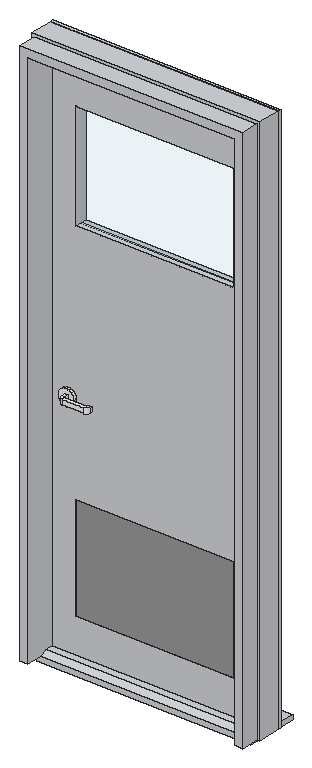
Revit family "Dor_片開き戸_RC", category ドア, Revit 2020
Family settings
  ホスト = 壁
  常に垂直 = はい
  ロード時にボイドで切り取り = いいえ
  共有 = いいえ
  部屋計算ポイント = いいえ
Parameters (values of type "片開き戸_RC")
  金物_施錠方式(外) = ""
  金物_施錠方式(内) = ""
  金物_支持金物 = ""
  金物_操作金物 = ""
  金物_戸当り = ""
  金物_固定金物 = ""
  金物_フランス落し = ""
  金物_クローザー = ""
  逃げ_左 = 60 mm
  逃げ_右 = 60 mm
  逃げ_上 = 60 mm
  解析用性能 = "<なし>"
  符号_建具記号 = ""
  符号_建具番号 = ""
  法_随時閉鎖 = yes
  法_防火性能 = ""
  法_遮煙 = yes
  法_常時閉鎖 = yes
  沓摺表示 [instance] = yes
  文字_ガラス厚 = ""
  抱き = 40 mm
  建枠下延長 [instance] = 0 mm
  沓摺見込_Kc_Kd [instance] = 200 mm
  外部ちり_上 = 10 mm
  外部ちり = 10 mm
  マテリアル_シール = none
  ドアパネルタイプ = DP_腰窓+ガラリ : 腰窓+ガラリ
  スリット/小窓位置：戸先 [instance] = yes
  シール幅 = 10 mm
  ガラス厚 = 6 mm
  オフセット_外側 [instance] = 50 mm
  min沓摺見込_Kc_Kd [instance] = 24 mm + パネル厚 + 抱き + シール幅 + オフセット_外側  # 169 mm
  geo_壁厚 [instance] = 150 mm
  calc_総見込 = 抱き + シール幅 + パネル厚 + 戸当見込  # 145 mm
  calc_沓摺見込_Kc_Kd [instance] = if(沓摺見込_Kc_Kd > min沓摺見込_Kc_Kd, 沓摺見込_Kc_Kd, min沓摺見込_Kc_Kd + 10 mm)  # 200 mm
  calc_沓摺幅 = 幅 + 戸当見付 * 2  # 830 mm
  沓摺タイプ = Kd_沓摺_RC : Kd_沓摺_RC
  次による断熱プロパティの定義 = スキーマティック タイプ
  枠見付内_F01 = 30 mm
  calc_枠見込内 [instance] = if(and(枠ちり内 = 0 mm, オフセット_内側 = 0 mm), 1 mm, 0 mm)  # 0 mm
  calc_枠見付内 = if(枠タイプ = 1, 枠見付内_F01, if(枠タイプ = 2, 枠見付 + 戸当見付, if(枠タイプ = 3, 枠見付 + 戸当見付, 枠見付)))  # 30 mm
  文字_額縁材質 = ""
  文字_額縁仕上 = ""
  文字_沓摺材質 = ""
  文字_沓摺仕上 = ""
  文字_枠材質 = ""
  文字_枠仕上 = ""
  文字_建具材質 = ""
  文字_建具仕上 = ""
  文字_取付場所 = ""
  文字_備考 = ""
  文字_パネル厚 = ""
  文字_ガラリ材質 = ""
  文字_ガラリ仕上 = ""
  文字_ガラス材質 = ""
  文字_アンダーカット = ""
  性能_遮音 = ""
  性能_気密 = ""
  形状_沓摺形状 = ""
  形状_枠形状 = ""
  形状_建具形式 = ""
  形状_ガラリ形状 = ""
  仕上げ厚 = 10 mm
  calc_戸当見込 [instance] = if(geo_壁厚 < calc_総見込, 戸当見込 - (calc_総見込 - geo_壁厚 + 10 mm), 戸当見込)  # 50 mm
  calc_壁芯ずれ [instance] = オフセット_外側 / 2 + オフセット_内側 / 2 + LOCK  # 50 mm
  calc_仕上げ厚 [instance] = if(and(オフセット_内側 = 0 mm, 仕上げ厚 = 0 mm), 11 mm, 仕上げ厚)  # 10 mm
  ラベル_遮煙 = if(法_遮煙, "S", " ")  # "S"
  ラベル_法囲み = if(法_常時閉鎖, "□", if(法_随時閉鎖, "〇", " "))  # "□"
  マテリアル_沓摺 = none
  マテリアル_枠 = none
  マテリアル_パネル = none
  マテリアル_ガラリ = none
  マテリアル_ガラス = ガラス - 透明
  パネル幅2 = 0 mm  # constant formula
  パネル幅1 = 幅 + 戸当見付 * 2  # 830 mm
  calc_パネル中心位置 = パネル厚 / 2 + LOCK  # 22.5 mm
  ハンドル表示 [instance] = yes
  Keynote = ""
  オフセット_内側 [instance] = 50 mm
  W寸法 = 800 mm
  LOCK = 0 mm  # constant formula
  H寸法 = 2100 mm
  F02_片ひばた2 = 枠タイプ = 2  # no
  Function = (empty or 0)
  Description = ""
  枠タイプ = 1
  Rough Width = 0 mm
  高さ = H寸法 + LOCK  # 2100 mm
  枠見付 = 25 mm
  枠ちり外 = 20 mm
  枠ちり内 = 10 mm
  ハンドル_高さ = 900 mm
  ハンドル_オフセット = 80 mm
  戸当見込 = 50 mm
  戸当見付 = 15 mm
  Construction Type = ""
  Wall Closure = (empty or 0)
  幅 = W寸法 + LOCK  # 800 mm
  Rough Height = 0 mm
  パネル高 = 高さ + 戸当見付 - アンダーカット  # 2110 mm
  パネル幅 = パネル幅1 + LOCK  # 830 mm
  パネル厚 = 45 mm
  アンダーカット = 5 mm
  F01_片ひばた1 = 枠タイプ = 1  # yes
  F03_両ひばた = 枠タイプ = 3  # no
Reference planes
  plane 1: y = 0
  plane 2 "中心(左/右)": x = 0
  plane 3 "EXT.": y = 75
  plane 4 "内壁": y = -75
  plane 5 "左": x = -400
  plane 6 "右": x = 400
  plane 7 "上側": z = 2100
  plane 8: z = 0
  plane 9 "パネル位置": y = 25
  plane 10 "左扉位置": x = -415
  plane 11 "枠外側左": x = -440
  plane 12 "枠内側左": x = -430
  plane 13 "仕上げ厚": y = -65
  plane 14 "右扉位置": x = 415
  plane 15 "枠外側右": x = 440
  plane 16 "枠内側右": x = 430
  plane 17 "上枠下端": z = 2115
  plane 18 "枠見付_上": z = 2140
  plane 19 "枠見付内_上": z = 2130
  plane 20 "戸当り外側": y = -20
  plane 21 "戸当り内側": y = -70
  plane 22: x = -430
  plane 23: x = 430
  plane 24: z = 5
  plane 25 "オフセット": y = -125
  plane 26 "枠ちり内": y = -135
  plane 27 "パネル厚中心": y = 2.5
  plane 28 "壁芯": y = -50
  plane 29: z = 900
  plane 30: x = -335
  plane 31 "建枠下延長": z = 0
  plane 32 "枠見込み内": y = -65
  plane 33 "オフセット_外側": y = 125
  plane 34 "マスク位置": z = 500
  plane 35: y = 130
  plane 36 "逃げ左": x = -460
  plane 37 "逃げ右": x = 460
  plane 38 "抱き": y = 35
  plane 39 "外部ちり左": x = -425
  plane 40 "外部ちり右": x = 425
  plane 41 "外部ちり上": z = 2125
  plane 42 "逃げ上": z = 2160
Forms (mm)
  Extrusion 1, void
    sketch origin (0, 0, 0) x (1, 0, 0) y (0, 1, 0)
      loop
        line (-430, -125) -> (430, -125) -> (430, -65) -> (-430, -65) -> (-430, -125)
    from 0 to 2130
  Extrusion 2, void
    sketch origin (0, 0, 0) x (1, 0, 0) y (0, 1, 0)
      loop
        line (-460, 35) -> (-460, -65) -> (460, -65) -> (460, 35) -> (-460, 35)
    from 0 to 2160
  Sweep 3, solid, material <- "マテリアル_枠", visible <- "F01_片ひばた1", detail levels medium+fine
    path origin (0, 75, 0) x (1, 0, 0) y (0, 0, 1)
      loop
        line (400, 0) -> (400, 2100) -> (-400, 2100) -> (-400, 0)
    profile origin (400, 75, 1050) x (-1, 0, 0) y (0, -1, 0)
      loop
        line (-40, 50) -> (-15, 50) -> (-15, 95) -> (0, 95) -> (0, 210) -> (-30, 210) -> (-30, 140) -> (-40, 140) -> (-40, 50)
  Sweep 4, solid, material <- "マテリアル_枠", visible <- "F02_片ひばた2"
    path origin (0, 75, 0) x (1, 0, 0) y (0, 0, 1)
      loop
        line (400, 0) -> (400, 2100) -> (-400, 2100) -> (-400, 0)
    profile origin (400, 75, 1050) x (-1, 0, 0) y (0, -1, 0)
      loop
        line (-40, 50) -> (-15, 50) -> (-15, 95) -> (0, 95) -> (0, 210) -> (-40, 210) -> (-40, 50)
  Sweep 5, solid, material <- "マテリアル_枠", visible <- "F03_両ひばた"
    path origin (0, 75, 0) x (1, 0, 0) y (0, 0, 1)
      loop
        line (400, 0) -> (400, 2100) -> (-400, 2100) -> (-400, 0)
    profile origin (400, 75, 1050) x (-1, 0, 0) y (0, -1, 0)
      loop
        line (-40, 50) -> (-15, 50) -> (-15, 95) -> (0, 95) -> (0, 145) -> (-15, 145) -> (-15, 210) -> (-40, 210) -> (-40, 50)
  Extrusion 6, void
    sketch origin (0, 0, 0) x (1, 0, 0) y (0, 1, 0)
      loop
        line (-425, 125) -> (-425, 35) -> (425, 35) -> (425, 125) -> (-425, 125)
    from 0 to 2125
  Extrusion 7, solid, material <- "マテリアル_シール"
    sketch origin (0, 25, 0) x (-1, 0, 0) y (0, 0, 1)
      loop
        line (-425, 0) -> (-425, 2125) -> (425, 2125) -> (425, 0) -> (440, 0) -> (440, 2140) -> (-440, 2140) -> (-440, 0) -> (-425, 0)
    from 0 to 10 <- "シール幅"
Lines and regions (mm)
  Masking region 1
    outline origin (0, 0, 0) x (0, 1, 0) y (0, 0, 1)
      loop
        line (25, 2115) -> (-20, 2115) -> (-20, 5) -> (25, 5) -> (25, 2115)
  Masking region 2, visible <- "F01_片ひばた1", detail levels medium+fine
    outline origin (0, 0, 0) x (1, 0, 0) y (0, 1, 0)
      loop
        line (-440, -65) -> (-430, -65) -> (-430, -135) -> (-400, -135) -> (-400, -20) -> (-415, -20) -> (-415, 25) -> (-440, 25) -> (-440, -65)
      loop
        line (440, -65) -> (440, 25) -> (415, 25) -> (415, -20) -> (400, -20) -> (400, -135) -> (430, -135) -> (430, -65) -> (440, -65)
  Masking region 3, visible <- "F02_片ひばた2", detail levels medium+fine
    outline origin (0, 0, 0) x (1, 0, 0) y (0, 1, 0)
      loop
        line (-430, 25) -> (-430, -135) -> (-400, -135) -> (-400, -20) -> (-415, -20) -> (-415, 25) -> (-430, 25)
      loop
        line (440, 25) -> (415, 25) -> (415, -20) -> (400, -20) -> (400, -135) -> (440, -135) -> (440, 25)
  Masking region 4, detail levels coarse
    outline origin (0, 0, 0) x (1, 0, 0) y (0, 1, 0)
      loop
        line (-400, -130) -> (400, -130) -> (400, -125) -> (400, 125) -> (400, 130) -> (-400, 130) -> (-400, 125) -> (-400, -125) -> (-400, -130)
  Masking region 5, detail levels coarse
    outline origin (0, 0, 0) x (1, 0, 0) y (0, 1, 0)
      loop
        line (-465, 125) -> (-465, -125) -> (-400, -125) -> (-400, 125) -> (-465, 125)
      loop
        line (465, 125) -> (400, 125) -> (400, -125) -> (465, -125) -> (465, 125)
  Masking region 6, visible <- "F03_両ひばた", detail levels medium+fine
    outline origin (0, 0, 0) x (1, 0, 0) y (0, 1, 0)
      loop
        line (-440, 25) -> (-440, -135) -> (-415, -135) -> (-415, -70) -> (-400, -70) -> (-400, -20) -> (-415, -20) -> (-415, 25) -> (-440, 25)
      loop
        line (440, 25) -> (415, 25) -> (415, -20) -> (400, -20) -> (400, -70) -> (415, -70) -> (415, -135) -> (440, -135) -> (440, 25)
  Masking region 7, detail levels medium+fine
    outline origin (0, 0, 0) x (1, 0, 0) y (0, 1, 0)
      loop
        line (-425, 25) -> (-425, 35) -> (-440, 35) -> (-440, 25) -> (-425, 25)
      loop
        line (425, 35) -> (425, 25) -> (440, 25) -> (440, 35) -> (425, 35)
  symbolic lines
    curve 1: line (0, 75, 0) -> (0, -185, 0)
Text (mm)
  text "EXT." at (-2295.016, 1099.543, 0), in view "基準レベル"
  text "外部" at (0, 1615.38, 3698.081), in view "左"
  text "外部" at (0, 1036.032, 3874.932), in view "右"
  text "内部" at (0, -1175.082, 3874.932), in view "右"
  text "内部" at (-2295.016, -1087.353, 0), in view "基準レベル"
Dimensions and locks
  equal spacing: plane 5 "左", plane 2 "中心(左/右)", plane 6 "右"
  locked: plane 3 "EXT." to host wall
  locked: plane 4 "内壁" to host wall
  "W寸法": plane 5 "左" to plane 6 "右"
  "H寸法": plane 8 to plane 7 "上側"
  "戸当見付": plane 10 "左扉位置" to plane 5 "左"
  "calc_枠見付内": plane 12 "枠内側左" to plane 5 "左"
  "枠見付": plane 11 "枠外側左" to plane 10 "左扉位置"
  "calc_仕上げ厚": plane 13 "仕上げ厚" to plane 4 "内壁"
  "枠見付": plane 15 "枠外側右" to plane 14 "右扉位置"
  "戸当見付": plane 7 "上側" to plane 17 "上枠下端"
  "枠見付": plane 17 "上枠下端" to plane 18 "枠見付_上"
  "calc_枠見付内": plane 7 "上側" to plane 19 "枠見付内_上"
  "パネル厚": plane 9 "パネル位置" to plane 20 "戸当り外側"
  "calc_戸当見込": plane 20 "戸当り外側" to plane 21 "戸当り内側"
  "戸当見付": plane 6 "右" to plane 14 "右扉位置"
  "calc_枠見付内": plane 6 "右" to plane 16 "枠内側右"
  "枠見付内_F01": plane 22 to plane 5 "左"
  "枠見付内_F01": plane 6 "右" to plane 23
  "枠ちり内": plane 25 "オフセット" to plane 26 "枠ちり内"
  "オフセット_内側": plane 25 "オフセット" to plane 4 "内壁"
  "アンダーカット": plane 24 to plane 8
  locked: plane 26 "枠ちり内" to curve 1 at 50
  "calc_パネル中心位置": plane 9 "パネル位置" to plane 27 "パネル厚中心"
  "calc_壁芯ずれ": plane 28 "壁芯" to plane 1
  "ハンドル_高さ": plane 29 to level
  "ハンドル_オフセット": plane 30 to plane 10 "左扉位置"
  "建枠下延長": plane 8 to plane 31 "建枠下延長"
  "calc_枠見込内": plane 32 "枠見込み内" to plane 13 "仕上げ厚"
  "オフセット_外側": plane 3 "EXT." to plane 33 "オフセット_外側"
  locked: level to plane 34 "マスク位置" at 500
  locked: plane 35 to plane 33 "オフセット_外側" at 5
  "逃げ_左": plane 36 "逃げ左" to plane 5 "左"
  "逃げ_右": plane 6 "右" to plane 37 "逃げ右"
  "抱き": plane 38 "抱き" to plane 3 "EXT."
  "シール幅": plane 38 "抱き" to plane 9 "パネル位置"
  locked: plane 39 "外部ちり左" to Extrusion 7 sketch curve at 15
  locked: plane 40 "外部ちり右" to Extrusion 7 sketch curve at 15
  locked: plane 41 "外部ちり上" to Extrusion 7 sketch curve at 15
  "外部ちり": plane 39 "外部ちり左" to plane 10 "左扉位置"
  "外部ちり": plane 14 "右扉位置" to plane 40 "外部ちり右"
  "逃げ_上": plane 7 "上側" to plane 42 "逃げ上"
  "外部ちり_上": plane 41 "外部ちり上" to plane 17 "上枠下端"
  locked: Masking region 7 sketch curve to plane 39 "外部ちり左" at 15
  locked: plane 40 "外部ちり右" to Masking region 7 sketch curve at 15
  "geo_壁厚": host wall to host wall
  locked: Masking region 5 sketch curve to plane 36 "逃げ左" at 5
  locked: plane 37 "逃げ右" to Masking region 5 sketch curve at 5
  aligned and locked: plane 1 to host wall
  aligned and locked: level to plane 8
  aligned and locked: plane 13 "仕上げ厚" to Extrusion 1 sketch curve
  aligned and locked: plane 13 "仕上げ厚" to Extrusion 2 sketch curve
  aligned and locked: plane 7 "上側" to Sweep 3 sketch curve
  aligned and locked: plane 6 "右" to Sweep 3 sketch curve  (x2)
  aligned and locked: Sweep 3 sketch curve to plane 5 "左"
  aligned and locked: Sweep 3 sketch curve to plane 13 "仕上げ厚"
  aligned and locked: plane 9 "パネル位置" to Sweep 3 sketch curve
  aligned and locked: plane 20 "戸当り外側" to Sweep 3 sketch curve
  aligned and locked: plane 14 "右扉位置" to Sweep 3 sketch curve
  aligned and locked: Sweep 3 sketch curve to plane 15 "枠外側右"
  aligned and locked: plane 15 "枠外側右" to Sweep 4 sketch curve
  aligned and locked: plane 14 "右扉位置" to Sweep 5 sketch curve  (x2)
  aligned and locked: Sweep 5 sketch curve to plane 21 "戸当り内側"
  aligned and locked: plane 23 to Sweep 3 sketch curve
  aligned and locked: Sweep 3 sketch curve to plane 26 "枠ちり内"
  aligned and locked: Sweep 4 sketch curve to plane 26 "枠ちり内"
  aligned and locked: plane 20 "戸当り外側" to Sweep 4 sketch curve
  aligned and locked: Sweep 5 sketch curve to plane 26 "枠ちり内"
  aligned and locked: Extrusion 1 to plane 25 "オフセット"
  aligned and locked: plane 19 "枠見付内_上" to Extrusion 1
  aligned and locked: Sweep 4 to Masking region 1 sketch curve
  aligned and locked: plane 2 "中心(左/右)" to nested 1
  aligned and locked: plane 2 "中心(左/右)" to nested 2
  aligned and locked: Masking region 2 sketch curve to plane 9 "パネル位置"
  aligned and locked: Masking region 2 sketch curve to plane 20 "戸当り外側"
  aligned and locked: plane 26 "枠ちり内" to Masking region 2 sketch curve
  aligned and locked: plane 11 "枠外側左" to Masking region 2 sketch curve
  aligned and locked: plane 5 "左" to Masking region 2 sketch curve
  aligned and locked: Masking region 2 sketch curve to nested 2
  aligned and locked: plane 6 "右" to Masking region 2 sketch curve
  aligned and locked: Masking region 2 sketch curve to plane 15 "枠外側右"
  aligned and locked: plane 14 "右扉位置" to Masking region 2 sketch curve
  aligned and locked: Masking region 2 sketch curve to plane 22
  aligned and locked: plane 23 to Masking region 2 sketch curve
  aligned and locked: plane 12 "枠内側左" to Masking region 3 sketch curve
  aligned and locked: plane 5 "左" to Masking region 4 sketch curve
  aligned and locked: Masking region 4 sketch curve to plane 6 "右"
  aligned and locked: Masking region 4 to Masking region 5 sketch curve
  aligned and locked: plane 6 "右" to Masking region 5 sketch curve
  aligned and locked: plane 25 "オフセット" to Masking region 5 sketch curve
  aligned and locked: Masking region 5 sketch curve to plane 25 "オフセット"
  aligned and locked: plane 25 "オフセット" to Masking region 4 sketch curve  (x2)
  aligned and locked: nested 2 to Masking region 6 sketch curve
  aligned and locked: plane 14 "右扉位置" to Masking region 6 sketch curve
  aligned and locked: plane 21 "戸当り内側" to Masking region 6 sketch curve  (x2)
  aligned and locked: Masking region 6 sketch curve to plane 21 "戸当り内側"  (x2)
  aligned and locked: plane 20 "戸当り外側" to Sweep 5 sketch curve
  aligned and locked: plane 9 "パネル位置" to Sweep 5 sketch curve
  aligned and locked: plane 9 "パネル位置" to Sweep 4 sketch curve
  aligned and locked: plane 2 "中心(左/右)" to nested 3
  aligned and locked: plane 27 "パネル厚中心" to nested 3
  aligned and locked: plane 2 "中心(左/右)" to nested 4
  aligned and locked: nested 4 to plane 8
  aligned and locked: plane 29 to nested 5
  aligned and locked: nested 5 to plane 30
  aligned and locked: plane 31 "建枠下延長" to Sweep 4 sketch curve  (x2)
  aligned and locked: plane 31 "建枠下延長" to Sweep 3 sketch curve  (x2)
  aligned and locked: plane 31 "建枠下延長" to Sweep 5 sketch curve  (x2)
  aligned and locked: plane 9 "パネル位置" to Masking region 3 sketch curve  (x2)
  aligned and locked: plane 9 "パネル位置" to Masking region 6 sketch curve  (x2)
  aligned and locked: Extrusion 1 sketch curve to plane 12 "枠内側左"
  aligned and locked: Extrusion 1 sketch curve to plane 16 "枠内側右"
  aligned and locked: plane 32 "枠見込み内" to Masking region 2 sketch curve
  aligned and locked: Masking region 2 sketch curve to plane 32 "枠見込み内"
  aligned and locked: Masking region 5 sketch curve to plane 33 "オフセット_外側"
  aligned and locked: plane 33 "オフセット_外側" to Masking region 5 sketch curve
  aligned and locked: plane 35 to Masking region 4 sketch curve
  aligned and locked: plane 33 "オフセット_外側" to Masking region 4 sketch curve  (x2)
  aligned and locked: plane 27 "パネル厚中心" to nested 2
  aligned and locked: nested 5 to plane 27 "パネル厚中心"
  aligned and locked: Extrusion 2 sketch curve to plane 38 "抱き"
  aligned and locked: plane 36 "逃げ左" to Extrusion 2 sketch curve
  aligned and locked: plane 37 "逃げ右" to Extrusion 2 sketch curve
  aligned and locked: Extrusion 6 sketch curve to plane 33 "オフセット_外側"
  aligned and locked: plane 39 "外部ちり左" to Extrusion 6 sketch curve
  aligned and locked: plane 38 "抱き" to Extrusion 6 sketch curve
  aligned and locked: plane 40 "外部ちり右" to Extrusion 6 sketch curve
  aligned and locked: plane 41 "外部ちり上" to Extrusion 6
  aligned and locked: Extrusion 7 sketch curve to plane 40 "外部ちり右"
  aligned and locked: plane 31 "建枠下延長" to Extrusion 7 sketch curve  (x2)
  aligned and locked: Extrusion 7 sketch curve to plane 39 "外部ちり左"
  aligned and locked: plane 41 "外部ちり上" to Extrusion 7 sketch curve
  aligned and locked: plane 42 "逃げ上" to Extrusion 2
  aligned and locked: Masking region 7 sketch curve to plane 39 "外部ちり左"
  aligned and locked: Masking region 7 sketch curve to plane 38 "抱き"  (x2)
  aligned and locked: plane 9 "パネル位置" to Masking region 7 sketch curve  (x2)
  aligned and locked: Masking region 7 sketch curve to plane 40 "外部ちり右"
  aligned and locked: nested 1 to plane 27 "パネル厚中心"
Automatic sketch dimensions
  plane 5 "左" to Sweep 4 sketch curve = 0 mm
  plane 6 "右" to Sweep 4 sketch curve = 0 mm
  Sweep 4 sketch curve to plane 7 "上側" = 0 mm
  Sweep 4 sketch curve to profile plane = 0 mm
  profile plane to Sweep 4 sketch curve = 15 mm
  plane 5 "左" to Sweep 5 sketch curve = 0 mm
  plane 6 "右" to Sweep 5 sketch curve = 0 mm
  Sweep 5 sketch curve to plane 7 "上側" = 0 mm
  Sweep 5 sketch curve to profile plane = 0 mm
  profile plane to Sweep 5 sketch curve = 15 mm
  Sweep 5 sketch curve to Sweep 5 sketch curve = 25 mm
  Masking region 3 sketch curve to plane 10 "左扉位置" = 0 mm
  Masking region 3 sketch curve to plane 5 "左" = 0 mm
  Masking region 3 sketch curve to plane 6 "右" = 0 mm
  Masking region 3 sketch curve to plane 14 "右扉位置" = 0 mm
  Masking region 3 sketch curve to plane 15 "枠外側右" = 0 mm
  Masking region 3 sketch curve to plane 26 "枠ちり内" = 0 mm  (x2)
  Masking region 3 sketch curve to plane 20 "戸当り外側" = 0 mm  (x2)
  Masking region 6 sketch curve to plane 10 "左扉位置" = 0 mm
  Masking region 6 sketch curve to plane 5 "左" = 0 mm
  Masking region 6 sketch curve to plane 6 "右" = 0 mm
  Masking region 6 sketch curve to plane 14 "右扉位置" = 0 mm
  Masking region 6 sketch curve to plane 26 "枠ちり内" = 0 mm  (x2)
  Masking region 6 sketch curve to plane 20 "戸当り外側" = 0 mm  (x2)
  curve 1 to plane 2 "中心(左/右)" = 0 mm
  Masking region 1 sketch curve to plane 17 "上枠下端" = 0 mm
  Masking region 1 sketch curve to plane 20 "戸当り外側" = 0 mm
  Masking region 1 sketch curve to plane 24 = 0 mm
  Masking region 4 sketch curve to plane 25 "オフセット" = 5 mm
  Masking region 6 sketch curve to plane 11 "枠外側左" = 0 mm
  Masking region 6 sketch curve to plane 15 "枠外側右" = 0 mm
  Masking region 2 sketch curve to plane 26 "枠ちり内" = 0 mm
  Masking region 2 sketch curve to plane 20 "戸当り外側" = 0 mm
  Masking region 2 sketch curve to plane 9 "パネル位置" = 0 mm
  Extrusion 1 sketch curve to plane 25 "オフセット" = 0 mm
  plane 9 "パネル位置" to curve 1 = 50 mm
Nested families
  nested 1: "Kd_沓摺_RC" at (0, 2.5, 0), アンダーカット <- "アンダーカット", パネル厚 <- "パネル厚", パネル幅 <- "calc_沓摺幅", 沓摺材質 <- "マテリアル_沓摺", type <- "沓摺タイプ", visible <- "沓摺表示", 沓摺見込 <- "calc_沓摺見込_Kc_Kd", type "Kd_沓摺_RC"
    with 沓摺見込 200 mm, 沓摺材質 none, パネル幅 830 mm, パネル厚 45 mm, アンダーカット 5 mm, calc_見込 100 mm
  nested 2: "平面_片開き戸" at (0, 25, 0), type "平面_片開き戸"
    with 枠ちり外 20 mm
  nested 3: "DP_腰窓+ガラリ" at (0, 2.5, 0) x (-1, 0, 0) z (0, 0, 1), マテリアル_パネル <- "マテリアル_パネル", 幅 <- "パネル幅1", 高さ <- "パネル高", Thickness <- "パネル厚", type <- "ドアパネルタイプ", アンダーカット <- "アンダーカット", マテリアル_ガラス <- "マテリアル_ガラス", マテリアル_ガラリ <- "マテリアル_ガラリ", スリット/小窓位置：戸先 <- "スリット/小窓位置：戸先", ガラス厚 <- "ガラス厚", type "腰窓+ガラリ"
    with 高さ 2110 mm, 幅 830 mm, built-in parameter 1001302 45 mm, マテリアル_パネル none, マテリアル_ガラリ none, マテリアル_ガラス ガラス - 透明, スリット/小窓位置：戸先 yes, ガラス厚 6 mm, アンダーカット 5 mm, calc_窓W 610 mm, calc_窓H 415 mm
  nested 4: "立面_スイング_開き戸" at (0, -75, 0) x (1, 0, 0) z (0, -1, 0), パネル幅 <- "パネル幅1", パネル高 <- "パネル高", アンダーカット <- "アンダーカット", type "立面_スイング_開き戸"
    with パネル高 2110 mm, パネル幅 830 mm, アンダーカット 5 mm
  nested 5: "Ha_ハンドル" at (-335, 2.5, 900), visible <- "ハンドル表示", type "Ha_ハンドル"
    with パネル厚 45 mm
Definition of nested family "Kd_沓摺_RC"
  Parameters (values of type "Kd_沓摺_RC")
    沓摺材質 [instance] = none
    Default Elevation = 0 mm
    沓摺見込 [instance] = 200 mm
    抱き = 35 mm
    オフセット_外側 = 50 mm
    パネル幅 [instance] = 830 mm
    パネル厚 [instance] = 45 mm
    シール幅 = 10 mm
    アンダーカット [instance] = 5 mm
    calc_見込 [instance] = オフセット_外側 + 抱き + シール幅  # 95 mm
  Reference planes
    plane 1 "中心(正面/背面)": y = 0
    plane 2: z = 0
    plane 3 "中心(左/右)": x = 0
    plane 4 "パネル内側": y = -22.5
    plane 5: x = -415
    plane 6: x = 415
    plane 7: z = 5
    plane 8: z = 3
    plane 9 "パネル外側": y = 22.5
    plane 10: z = -20
    plane 11: y = -82.5
    plane 12: y = -58.5
    plane 13 "枠外": y = 117.5
    plane 14 "マスク位置": z = 1000
    plane 15: y = 102.5
  Forms (mm)
    Extrusion 1, solid, material <- "沓摺材質"
      sketch origin (0, 0, 0) x (0, 1, 0) y (0, 0, 1)
        loop
          line (117.5, -20) -> (117.5, -4.969) -> (-22.5, 3) -> (-22.5, 15) -> (-58.5, 15) -> (-82.5, 0) -> (-82.5, -20) -> (117.5, -20)
      from -415 to 415
  Lines and regions (mm)
    Masking region 1
      outline origin (0, 0, 0) x (0, 1, 0) y (0, 0, 1)
        loop
          line (-82.5, -20) -> (102.5, -20) -> (117.5, -20) -> (117.5, -4.969) -> (-22.5, 3) -> (-22.5, 15) -> (-58.5, 15) -> (-82.5, 0) -> (-82.5, -15) -> (-82.5, -20)
    Masking region 2, detail levels medium+fine
      outline origin (0, 0, 0) x (1, 0, 0) y (0, 1, 0)
        loop
          line (-415, 117.5) -> (-415, -82.5) -> (415, -82.5) -> (415, 117.5) -> (-415, 117.5)
    symbolic lines, detail levels medium+fine
      curve 1: line (-415, -82.5, 1000) -> (415, -82.5, 1000)
  Dimensions and locks
    "パネル幅": plane 5 to plane 6
    equal spacing: plane 5, plane 3 "中心(左/右)", plane 6
    "アンダーカット": plane 7 to plane 2
    locked: plane 7 to plane 8 at 2
    equal spacing: plane 9 "パネル外側", plane 1 "中心(正面/背面)", plane 4 "パネル内側"
    "パネル厚": plane 9 "パネル外側" to plane 4 "パネル内側"
    locked: plane 7 to plane 10 at 25
    Masking region 1 sketch curve to plane 2 = 15 mm  (x2)
    Masking region 1 sketch curve to plane 11 = 24 mm
    locked: plane 11 to plane 12 at 24
    Masking region 1 sketch curve to Masking region 1 sketch curve = 15.031 mm
    locked: plane 14 "マスク位置" to level at 1000
    "calc_見込": plane 13 "枠外" to plane 9 "パネル外側"
    "沓摺見込": plane 13 "枠外" to plane 11
    locked: plane 13 "枠外" to plane 15 at 15
    plane 13 "枠外" to plane 11 = 200 mm
    aligned and locked: level to plane 2
    aligned and locked: Extrusion 1 sketch curve to plane 10
    aligned and locked: plane 6 to Extrusion 1
    aligned and locked: Extrusion 1 to plane 5
    aligned and locked: plane 4 "パネル内側" to Masking region 1 sketch curve
    aligned and locked: Masking region 1 sketch curve to plane 10
    aligned and locked: plane 11 to Extrusion 1 sketch curve
    aligned and locked: Masking region 1 sketch curve to plane 13 "枠外"
    aligned and locked: Extrusion 1 sketch curve to plane 13 "枠外"
    aligned and locked: plane 5 to curve 1
    aligned and locked: plane 6 to curve 1
    aligned and locked: plane 11 to Extrusion 1
    aligned and locked: plane 5 to Masking region 2 sketch curve
    aligned and locked: plane 13 "枠外" to Masking region 2 sketch curve
    aligned and locked: Masking region 2 sketch curve to plane 6
    aligned and locked: Masking region 2 sketch curve to plane 11
    aligned and locked: plane 15 to Masking region 1 sketch curve
  Automatic sketch dimensions
    Masking region 1 sketch curve to plane 11 = 0 mm
    Masking region 1 sketch curve to level = 0 mm
    Extrusion 1 sketch curve to level = 0 mm
    Extrusion 1 sketch curve to plane 4 "パネル内側" = 0 mm
    plane 7 to Extrusion 1 sketch curve = 10 mm
    Extrusion 1 sketch curve to plane 11 = 24 mm
    Masking region 1 sketch curve to plane 8 = 0 mm
    Extrusion 1 sketch curve to plane 8 = 0 mm
    Extrusion 1 sketch curve to level = 4.969 mm
    plane 11 to curve 1 = 0 mm
Definition of nested family "DP_腰窓+ガラリ"
  Parameters (values of type "腰窓+ガラリ")
    Height [instance] = 1995 mm
    Analytic Construction = "<なし>"
    窓位置_戸先 = 110 mm
    窓位置_戸尻 = 110 mm
    Define Thermal Properties by = 1
    Thickness [instance] = 40 mm
    窓腰高 = 1500 mm
    マテリアル_パネル [instance] = none
    マテリアル_ガラリ [instance] = none
    マテリアル_ガラス [instance] = none
    スリット/小窓位置：戸先 [instance] = yes
    ガラリ位置_下 = 150 mm
    窓位置_上 = 200 mm
    Width [instance] = 800 mm
    ガラリH = 400 mm
    ガラス厚 [instance] = 6 mm
    アンダーカット [instance] = 5 mm
    calc_窓W [instance] = Width - 窓位置_戸先 - 窓位置_戸尻  # 580 mm
    calc_窓H [instance] = (Height + アンダーカット) - 窓腰高 - 窓位置_上  # 300 mm
  Reference planes
    plane 1 "中心(正面/背面)": y = 0
    plane 2 "下": z = 0
    plane 3 "中心(左/右)": x = 0
    plane 4 "右": x = 400
    plane 5 "左": x = -400
    plane 6 "前面": y = 20
    plane 7 "背面": y = -20
    plane 8 "上": z = 2000
    plane 9 "框左": x = -290
    plane 10 "框右": x = 290
    plane 11 "ガラス下": z = 1500
    plane 12 "框上": z = 1800
    plane 13 "ガラリ上": z = 550
    plane 14 "框下": z = 150
    plane 15 "窓中央": x = 0
    plane 16: z = 5
  Forms (mm)
    Extrusion 1, solid, material <- "マテリアル_パネル"
      sketch origin (0, 0, 0) x (1, 0, 0) y (0, 0, 1)
        loop
          line (-400, 2000) -> (-400, 5) -> (400, 5) -> (400, 2000) -> (-400, 2000)
        loop
          line (-290, 1800) -> (-290, 1500) -> (290, 1500) -> (290, 1800) -> (-290, 1800)
        loop
          line (-290, 550) -> (-290, 150) -> (290, 150) -> (290, 550) -> (-290, 550)
      from -20 to 20
    Extrusion 2, solid, material <- "マテリアル_ガラリ"
      sketch origin (0, 0, 0) x (1, 0, 0) y (0, 0, 1)
        loop
          line (-290, 550) -> (-290, 150) -> (290, 150) -> (290, 550) -> (-290, 550)
      from -20 to 20
  Dimensions and locks
    equal spacing: plane 5 "左", plane 3 "中心(左/右)", plane 4 "右"
    "Width": plane 5 "左" to plane 4 "右"
    equal spacing: plane 6 "前面", plane 1 "中心(正面/背面)", plane 7 "背面"
    "Thickness": plane 6 "前面" to plane 7 "背面"
    "窓位置_上": plane 8 "上" to plane 12 "框上"
    "窓腰高": plane 11 "ガラス下" to level
    "窓位置_戸先": plane 4 "右" to plane 10 "框右"
    "窓位置_戸尻": plane 9 "框左" to plane 5 "左"
    "ガラリ位置_下": plane 14 "框下" to level
    "ガラリH": plane 13 "ガラリ上" to plane 14 "框下"
    equal spacing: plane 9 "框左", plane 15 "窓中央", plane 10 "框右"
    "アンダーカット": plane 16 to plane 2 "下"
    "Height": plane 8 "上" to plane 16
    aligned and locked: level to plane 2 "下"
    aligned and locked: Extrusion 1 sketch curve to plane 8 "上"
    aligned and locked: plane 5 "左" to Extrusion 1 sketch curve
    aligned and locked: Extrusion 1 sketch curve to plane 4 "右"
    aligned and locked: plane 6 "前面" to Extrusion 1
    aligned and locked: Extrusion 1 to plane 7 "背面"
    aligned and locked: Extrusion 1 sketch curve to plane 12 "框上"
    aligned and locked: plane 9 "框左" to Extrusion 1 sketch curve  (x2)
    aligned and locked: plane 11 "ガラス下" to Extrusion 1 sketch curve
    aligned and locked: plane 10 "框右" to Extrusion 1 sketch curve  (x2)
    aligned and locked: Extrusion 1 sketch curve to plane 13 "ガラリ上"
    aligned and locked: plane 14 "框下" to Extrusion 1 sketch curve
    aligned and locked: Extrusion 2 sketch curve to Extrusion 1  (x4)
    aligned and locked: plane 6 "前面" to Extrusion 2
    aligned and locked: Extrusion 2 to plane 7 "背面"
    aligned and locked: plane 15 "窓中央" to nested 1
    aligned and locked: nested 1 to plane 1 "中心(正面/背面)"
    aligned and locked: plane 16 to Extrusion 1 sketch curve
  Nested families
    nested 1: "DPw_ガラス" at (0, 15, 1500), built-in parameter 1001364 <- "窓腰高", Height <- "calc_窓H", Width <- "calc_窓W", Thickness <- "ガラス厚", マテリアル_ガラス <- "マテリアル_ガラス", type "ガラス"
      with Height 300 mm, Width 580 mm, Thickness 6 mm, マテリアル_ガラス none
  Definition of nested family "DPw_ガラス"
    Parameters (values of type "DPw_ガラス")
      Define Thermal Properties by = 1
      Visual Light Transmittance = 0.9
      Solar Heat Gain Coefficient = 0.78
      Height [instance] = 1000 mm
      Heat Transfer Coefficient (U) = 3.6886 W/(m²·K)
      Width [instance] = 800 mm
      Analytic Construction = "1/8 インチ ピルキントン一重ガラス"
      Thickness [instance] = 6 mm
      マテリアル_ガラス [instance] = none
    Reference planes
      plane 1 "中心(正面/背面)": y = -15
      plane 2 "下": z = 0
      plane 3 "中心(左/右)": x = 0
      plane 4 "左": x = -400
      plane 5 "右": x = 400
      plane 6 "上": z = 1000
      plane 7: y = -12
      plane 8: y = -18
      plane 9: z = 500
    Forms (mm)
      Extrusion 1, solid, material <- "マテリアル_ガラス"
        sketch origin (0, -15, 0) x (1, 0, 0) y (0, 0, 1)
          loop
            line (-400, 0) -> (400, 0) -> (400, 1000) -> (-400, 1000) -> (-400, 0)
        from -3 to 3
    Lines and regions (mm)
      symbolic lines, detail levels medium+fine
        curve 1: line (400, -15, 0) -> (-400, -15, 0)
      symbolic lines, detail levels fine
        curve 2: line (0, -15, 1000) -> (0, -15, 0)
    Dimensions and locks
      equal spacing: plane 4 "左", plane 3 "中心(左/右)", plane 5 "右"
      "Width": plane 4 "左" to plane 5 "右"
      "Height": plane 6 "上" to plane 2 "下"
      equal spacing: plane 6 "上", plane 9, plane 2 "下"
      "Thickness": plane 8 to plane 7
      equal spacing: plane 8, plane 1 "中心(正面/背面)", plane 7
      plane 2 "下" to level = 0 mm
      aligned and locked: plane 5 "右" to Extrusion 1
      aligned and locked: Extrusion 1 to plane 4 "左"
      aligned and locked: Extrusion 1 to plane 7
      aligned and locked: plane 8 to Extrusion 1
      aligned and locked: curve 1 to plane 1 "中心(正面/背面)"
      aligned and locked: plane 4 "左" to curve 1
      aligned and locked: Extrusion 1 to curve 1
      aligned and locked: plane 6 "上" to Extrusion 1
      aligned and locked: plane 2 "下" to curve 2
      aligned and locked: plane 6 "上" to curve 2
      aligned and locked: Extrusion 1 to plane 2 "下"
    Automatic sketch dimensions
      Extrusion 1 sketch curve to plane 4 "左" = 0 mm
      Extrusion 1 sketch curve to plane 5 "右" = 0 mm
      level to Extrusion 1 sketch curve = 0 mm
      Extrusion 1 sketch curve to plane 6 "上" = 0 mm
      curve 2 to plane 1 "中心(正面/背面)" = 0 mm
Definition of nested family "Ha_ハンドル"
  Parameters (values of type "Ha_ハンドル")
    Analytic Construction = "<なし>"
    Define Thermal Properties by = 1
    ハンドル = none
    パネル厚 = 40 mm
    Keynote = "08730.A5"
    Function = (empty or 0)
  Reference planes
    plane 1 "中心(正面/背面)": y = 0
    plane 2: z = 0
    plane 3 "中心(左/右)": x = 0
    plane 4: y = 20
    plane 5: y = -20
    plane 6: x = 100
    plane 7: y = 30
    plane 8: y = 55
  Forms (mm)
    Extrusion 1, solid, material <- "ハンドル"
      sketch origin (0, 0, 0) x (1, 0, 0) y (0, 0, 1)
        loop
          circle (0, 0) r 30
      from 20 to 30
    Sweep 2, solid, material <- "ハンドル"
      path origin (0, 5, 0) x (1, 0, 0) y (0, 1, 0)
        loop
          line (0, -35) -> (0, -50)
          arc (0, -50) -> (2.929, -57.071) -> (10, -60) r 10
          line (10, -60) -> (90, -60)
          arc (90, -60) -> (97.071, -57.071) -> (100, -50) r 10
          line (100, -50) -> (100, -45)
      profile origin (0, -37.5, 0) x (1, 0, 0) y (0, 0, 1)
        loop
          line (-5, -10) -> (5, -10) -> (5, 10) -> (-5, 10) -> (-5, -10)
    Extrusion 3, solid, material <- "ハンドル"
      sketch origin (0, 0, 0) x (1, 0, 0) y (0, 0, -1)
        loop
          circle (0, 0) r 30
      from 20 to 30
    Sweep 4, solid, material <- "ハンドル"
      path origin (0, -5, 0) x (1, 0, 0) y (0, -1, 0)
        loop
          line (0, -35) -> (0, -50)
          arc (0, -50) -> (2.929, -57.071) -> (10, -60) r 10
          line (10, -60) -> (90, -60)
          arc (90, -60) -> (97.071, -57.071) -> (100, -50) r 10
          line (100, -50) -> (100, -45)
      profile origin (0, 37.5, 0) x (-1, 0, 0) y (0, 0, 1)
        loop
          line (5, -10) -> (5, 10) -> (-5, 10) -> (-5, -10) -> (5, -10)
  Dimensions and locks
    equal spacing: plane 5, plane 1 "中心(正面/背面)", plane 4
    "パネル厚": plane 5 to plane 4
    locked: Extrusion 1 to plane 5 at 10
    equal spacing: Sweep 2 sketch curve, plane 3 "中心(左/右)", Sweep 2 sketch curve
    equal spacing: Sweep 2 sketch curve, level, Sweep 2 sketch curve
    locked: plane 7 to plane 4 at 10
    locked: plane 8 to plane 4 at 35
    Sweep 4 sketch curve to Sweep 4 sketch curve = 10 mm
    Sweep 4 sketch curve to Sweep 4 sketch curve = 20 mm
    aligned and locked: Extrusion 1 to plane 5
    aligned and locked: Extrusion 1 to Sweep 2 sketch curve
    aligned and locked: plane 7 to Extrusion 3
    aligned and locked: plane 4 to Extrusion 3
  Automatic sketch dimensions
    Extrusion 1 sketch curve to level = 0 mm
    Extrusion 1 sketch curve to plane 3 "中心(左/右)" = 0 mm
    Sweep 2 sketch curve to plane 3 "中心(左/右)" = 0 mm
    Sweep 2 sketch curve to plane 6 = 0 mm
    plane 3 "中心(左/右)" to Sweep 2 sketch curve = 10 mm
    Sweep 2 sketch curve to plane 6 = 10 mm
    plane 5 to Sweep 2 sketch curve = 20 mm
    Sweep 2 sketch curve to Sweep 2 sketch curve = 5 mm
    profile plane to Sweep 2 sketch curve = 5 mm
    Sweep 2 sketch curve to level = 10 mm
    Extrusion 3 sketch curve to level = 0 mm
    Extrusion 3 sketch curve to plane 3 "中心(左/右)" = 0 mm
    Sweep 4 sketch curve to plane 3 "中心(左/右)" = 0 mm
    Sweep 4 sketch curve to plane 8 = 0 mm
    Sweep 4 sketch curve to plane 6 = 0 mm
    Sweep 4 sketch curve to plane 7 = 0 mm
    Sweep 4 sketch curve to plane 3 "中心(左/右)" = 10 mm
    plane 6 to Sweep 4 sketch curve = 10 mm
    Sweep 4 sketch curve to Sweep 4 sketch curve = 5 mm
    profile plane to Sweep 4 sketch curve = 5 mm
    Sweep 4 sketch curve to profile plane = 5 mm
    Sweep 4 sketch curve to level = 10 mm
    level to Sweep 4 sketch curve = 10 mm
    radius of Extrusion 1 sketch curve = 30 mm
    radius of Extrusion 3 sketch curve = 30 mm
Definition of nested family "平面_片開き戸"
  Parameters (values of type "平面_片開き戸")
    開口幅 = 800 mm
    枠ちり外 = 10 mm
    戸当見付 = 15 mm
    パネル幅 = 開口幅 + 戸当見付 * 2  # 830 mm
    パネル厚 = 45 mm
  Reference planes
    plane 1 "中心(正面/背面)": y = 0
    plane 2: z = 0
    plane 3 "中心(左/右)": x = 0
    plane 4: x = -400
    plane 5: x = 400
    plane 6: x = -415
    plane 7: x = 415
    plane 8: y = -45
    plane 9: y = 830
    plane 10: y = 790
    plane 11: y = -10
    plane 12 "パネル中心": y = -22.5
  Lines and regions (mm)
    Masking region 1, in view "基準レベル", detail levels medium+fine
      outline origin (0, 0, 0) x (1, 0, 0) y (0, 1, 0)
        loop
          line (-415, -45) -> (415, -45) -> (415, 0) -> (-415, 0) -> (-415, -45)
    detail lines, in view "基準レベル", detail levels medium+fine
      curve 1: line (415, 0, 0) -> (415, 830, 0)
      curve 2: arc (-415, 0, 0) -> (-171.899, 586.899, 0) -> (415, 830, 0) r 830
    detail lines, in view "基準レベル", detail levels coarse
      curve 3: line (400, -10, 0) -> (400, 790, 0)
      curve 4: arc (-400, -10, 0) -> (-165.685, 555.685, 0) -> (400, 790, 0) r 800
  Dimensions and locks
    equal spacing: plane 4, plane 3 "中心(左/右)", plane 5
    "開口幅": plane 4 to plane 5
    "戸当見付": plane 6 to plane 4
    "戸当見付": plane 5 to plane 7
    "パネル厚": plane 8 to plane 1 "中心(正面/背面)"
    "パネル幅": plane 1 "中心(正面/背面)" to plane 9
    "枠ちり外": plane 11 to plane 1 "中心(正面/背面)"
    "開口幅": plane 10 to plane 11
    equal spacing: plane 1 "中心(正面/背面)", plane 12 "パネル中心", plane 8
    "パネル幅": radius of curve 2
    "開口幅": radius of curve 4
    angle curve 2 to curve 2 = 90.00°
    aligned and locked: Masking region 1 sketch curve to plane 8
    aligned and locked: Masking region 1 sketch curve to plane 6
    aligned and locked: Masking region 1 sketch curve to plane 1 "中心(正面/背面)"
    aligned and locked: plane 7 to Masking region 1 sketch curve
    aligned and locked: plane 1 "中心(正面/背面)" to curve 1
    aligned and locked: Masking region 1 to curve 2
    aligned and locked: plane 9 to curve 2
    aligned and locked: plane 5 to curve 3
  Automatic sketch dimensions
    curve 2 to plane 6 = 0 mm
    curve 4 to plane 11 = 0 mm
    curve 3 to plane 11 = 0 mm
Definition of nested family "立面_スイング_開き戸"
  Parameters (values of type "立面_スイング_開き戸")
    パネル高 [instance] = 1800 mm
    パネル幅 [instance] = 900 mm
    アンダーカット [instance] = 5 mm
  Reference planes
    plane 1 "中心(正面/背面)": y = 0
    plane 2: z = 0
    plane 3 "中心(左/右)": x = 0
    plane 4: y = 5
    plane 5: x = -450
    plane 6: x = 450
    plane 7: y = 1805
    plane 8: y = 905
  Lines and regions (mm)
    detail lines, in view "基準レベル"
      curve 1: line (-450, 1805, 0) -> (450, 905, 0)
      curve 2: line (450, 905, 0) -> (-450, 5, 0)
  Dimensions and locks
    equal spacing: plane 7, plane 8, plane 4
    "アンダーカット": plane 1 "中心(正面/背面)" to plane 4
    "パネル高": plane 7 to plane 4
    equal spacing: plane 5, plane 3 "中心(左/右)", plane 6
    "パネル幅": plane 5 to plane 6
    aligned and locked: plane 5 to curve 1
    aligned and locked: plane 7 to curve 1
    aligned and locked: plane 5 to curve 2
    aligned and locked: plane 4 to curve 2
    aligned and locked: plane 6 to curve 2
    aligned and locked: plane 8 to curve 1
